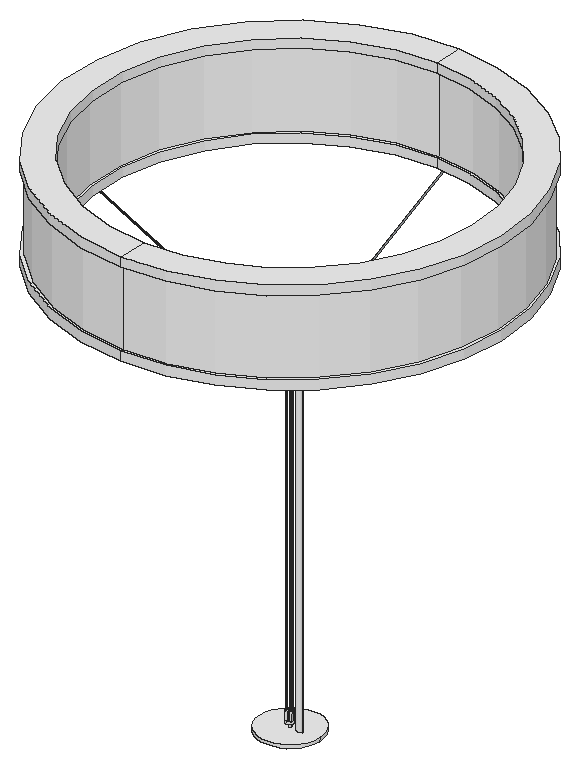
Revit family "Pendente circular 2", category Lighting Fixtures, host Face, Revit 2016
Family settings
  Host = Face
  Part Type = Normal
  Round Connector Dimension = Use Diameter
  OmniClass Number = 23.80.70.11
  OmniClass Title = Luminaries for Internal Lighting
  Cut with Voids When Loaded = No
  Light Source = Yes
  Shared = No
  Room Calculation Point = No
Parameters
  halfwidth = Unit Width / 2  # 45 cm
  frame edge thickness = 2 cm
  Wattage = 100 W
  Warranty Duration (Years) = 0
  built-in parameter 1150110 = 1 (stored number, unit not read)
  Unit Width = 90 cm
  Unit Weight = 0
  Unit Length = 20 cm
  Unit Depth = 6 cm
  URL = "http://solutions.3m.com/wps/portal/3M/en_US/architectural-markets/home/lighting-solutions/"
  built-in parameter 1114217 = 1 (stored number, unit not read)
  Three Wire Suspension = yes
  Test Data = ""
  built-in parameter 1150109 = 1 (stored number, unit not read)
  built-in parameter 1150134 = 2
  built-in parameter 1150113 = 1 (stored number, unit not read)
  Specification = "http://www.arcat.com/sd/clients/3march.html?coid=47922"
  SpecWizard = ""
  Single Wire Suspension = yes
  Send Message = "http://www.arcat.com/users.pl?action=UserEmail&company=3M+Architectural+Markets&coid=47922&rep=144&fax=651 737 8241&mf="
  Sales Information = "http://solutions.3m.com/wps/portal/3M/en_US/architectural-markets/home/support/find-distributor/"
  Revision = "R1_4_2013"
  Product Properties = "http://solutions.3m.com/wps/portal/3M/en_US/architectural-markets/home/resources/technical-information/"
  Product Data = "http://www.arcat.com/arcatcos/cos47/arc47922.html"
  Model = "As Specified in 16500"
  Manufacturer Website = "www.3MArchitecturalMarkets.com"
  Manufacturer Phone - Toll Free = "888-650-3497"
  Manufacturer Phone = "651 737 6152"
  Manufacturer Fax = "651 737 8241"
  Manufacturer Address = "3M Center, Bldg. 220-7W-07, St. Paul, MN 55144-1000"
  Manufacturer = "3M Architectural Markets"
  Maintenance Schedule (Months) = 0
  built-in parameter 1150105 = 795.77 (stored number, unit not read)
  Lumens = 10000 lm
  built-in parameter 1150115 = 1 (stored number, unit not read)
  Light Source Symbol Size = 100 cm
  built-in parameter 1150137 = (empty or 0)
  built-in parameter 1150139 = (empty or 0)
  built-in parameter 1150112 = 1 (stored number, unit not read)
  built-in parameter 1150114 = 1 (stored number, unit not read)
  Keynote = "16500"
  Interior Finish = Metal - 3M - as Specified
  Installation-Fabrication = "http://solutions.3m.com/wps/portal/3M/en_US/architectural-markets/home/resources/technical-information/"
  Installation Phase = ""
  built-in parameter 1150132 = (empty or 0)
  built-in parameter 1150102 = (empty or 0)
  built-in parameter 1150107 = 5000 (stored number, unit not read)
  built-in parameter 1150138 = (empty or 0)
  built-in parameter 1150106 = 7.9577 (stored number, unit not read)
  Green Building-LEED = "http://solutions.3m.com/wps/portal/3M/en_US/architectural-markets/home/resources/technical-information/"
  Frame Finish = Metal - 3M - as Specified
  Exterior Finish = Glass - 3M - Color Output as Specified
  Expected Lifespan (Years) = 0
  built-in parameter 1150104 = 9.2903 (stored number, unit not read)
  Drawn By = "Sumex Design, Inc. / Robert S. Weygant, CSI, CDT, SCIP"
  Dimming Lamp Color Temperature Shift = <None>
  Description = "As Specified in 16500"
  built-in parameter 1001320 = 120 cm
  Cord Finish = Metal - 3M - as Specified
  Copyright = "©Arcat Inc."
  Construction Details = "http://solutions.3m.com/wps/portal/3M/en_US/architectural-markets/home/resources/technical-information/"
  Color Filter = 16777215
  Canopy Plate Finish = Metal - 3M - as Specified
  Cable Drop [instance] = 90 cm
  Fixture Angle [instance] = 0.00°
  Cable Angle [instance] = 25.00°
  Building Codes = ""
  built-in parameter 1114218 = 1 (stored number, unit not read)
  Default Elevation = 304.8 cm
  Assembly Code = "D5020200"
Reference planes (cm)
  plane 1 "Center (Front/Back)": y = 0
  plane 2: z = 0
  plane 3 "Center (Left/Right)": x = 0
  plane 4: y = 45
  plane 5: y = -45
  plane 6: x = -45
  plane 7: x = 45
  plane 8: z = 90
Forms (cm)
  Revolve 1, solid, material "Metal - 3M - as Specified" <- "Frame Finish"
    sketch origin (0, -45, 90) x (0, 1, 0) y (0, 0, 1)
      loop
        line (0, 0) -> (6, 0) -> (6, 1.905) -> (5.365, 1.905) -> (5.365, 18.095) -> (6, 18.095) -> (6, 20) -> (0, 20) -> (0, 18) -> (0.635, 18) -> (0.635, 2) -> (0, 2) -> (0, 0)
      axis (45, 0) -> (45, 20)
    angle from 0 to 360
  Sweep 2, solid
    path origin (0, -45, 90) x (0, 1, 0) y (0, 0, 1)
      loop
        line (1.27, 0) -> (45, -20.3916)
    profile origin (0, -21.865, 79.8042) x (0, 0.422618, 0.906308) y (1, 0, 0)
      loop
        circle (0, 0) r 0.0794
  Sweep 3, solid
    path origin (0, -45, 90) x (0, 1, 0) y (0, 0, 1)
      loop
        line (88.73, 0) -> (45, -20.3916)
    profile origin (0, 21.865, 79.8042) x (0, 0.422618, -0.906308) y (1, 0, 0)
      loop
        circle (0, 0) r 0.0794
  Sweep 4, solid
    path origin (0, 0, 0) x (1, 0, 0) y (0, 0, 1)
      loop
        line (0, 69.6084) -> (43.73, 90)
    profile origin (21.865, 0, 79.8042) x (-0.422618, 0, 0.906308) y (0, -1, 0)
      loop
        circle (0, 0) r 0.0794
  Sweep 5, solid
    path origin (0, 0, 0) x (1, 0, 0) y (0, 0, 1)
      loop
        line (0, 69.6084) -> (-43.73, 90)
    profile origin (-21.865, 0, 79.8042) x (-0.422618, 0, -0.906308) y (0, -1, 0)
      loop
        circle (0, 0) r 0.0794
  Extrusion 6, solid, material "Metal - 3M - as Specified" <- "Canopy Plate Finish"
    sketch origin (0, 0, 0) x (1, 0, 0) y (0, 1, 0)
      loop
        circle (0.0335, 0) r 6.35
    from 0 to 0.635
  Extrusion 7, solid, material "Metal - 3M - as Specified" <- "Cord Finish", visible <- "Single Wire Suspension"
    sketch origin (0, 0, 0) x (1, 0, 0) y (0, 1, 0)
      loop
        circle (0, 0) r 0.263
    from 0.635 to 3.175
  Extrusion 8, solid, material "Metal - 3M - as Specified" <- "Frame Finish", visible <- "Single Wire Suspension"
    sketch origin (0, 0, 0) x (1, 0, 0) y (0, 1, 0)
      loop
        circle (0, 0) r 0.0794
    from 3.175 to 69.6084
  Extrusion 9, solid, material "Metal - 3M - as Specified" <- "Frame Finish", visible <- "Single Wire Suspension"
    sketch origin (-24.68, 0, 69.6084) x (0, -1, 0) y (-1, 0, 0)
      loop
        circle (0, -24.68) r 0.263
    from 0 to 3.175
  Extrusion 10, solid, material "Metal - 3M - as Specified" <- "Cord Finish", visible <- "Single Wire Suspension"
    sketch origin (0, 0, 0) x (1, 0, 0) y (0, 1, 0)
      loop
        circle (2.0008, 0) r 0.635
    from 0 to 69.6084
  Extrusion 11, solid, material "Metal - 3M - as Specified" <- "Cord Finish", visible <- "Three Wire Suspension"
    sketch origin (0, 0, 0) x (1, 0, 0) y (0, 1, 0)
      loop
        circle (0, 0) r 0.8853
    from 1.5099 to 1.9507
  Extrusion 12, solid, material "Metal - 3M - as Specified" <- "Frame Finish", visible <- "Three Wire Suspension"
    sketch origin (-24.68, 0, 69.6084) x (0, -1, 0) y (-1, 0, 0)
      loop
        circle (0, -24.68) r 0.8853
    from 0 to 0.7634
  Extrusion 13, solid, material "Metal - 3M - as Specified" <- "Cord Finish", visible <- "Three Wire Suspension"
    sketch origin (0, 0, 0) x (1, 0, 0) y (0, 1, 0)
      loop
        circle (0, 0.5867) r 0.263
      loop
        circle (0.4743, -0.345) r 0.263
      loop
        circle (-0.4743, -0.345) r 0.263
    from 1.9507 to 3.7997
  Extrusion 14, solid, material "Metal - 3M - as Specified" <- "Cord Finish", visible <- "Three Wire Suspension"
    sketch origin (0, 0, 3.7997) x (1, 0, 0) y (0, 1, 0)
      loop
        circle (0.4743, -0.345) r 0.0794
      loop
        circle (0, 0.5867) r 0.0794
      loop
        circle (-0.4743, -0.345) r 0.0794
    from 0 to 65.0452
Lines and regions (cm)
  reference lines
    curve 1: line (0, -45, 90) -> (0, 45, 90)
    curve 2: line (0, 0, 90) -> (0, 0, 115.4)
    curve 3: line (0, -43.73, 90) -> (0, 0, 69.6084)
    curve 4: line (0, 0, 69.6084) -> (0, -45, 69.6084)
    curve 5: line (0, 43.73, 90) -> (0, 0, 69.6084)
    curve 6: line (0, -47.5361, 110) -> (0, -16.8254, 110)
    curve 7: line (0, 0, 90) -> (45, 0, 90)
    curve 8: line (0, 0, 90) -> (-45, 0, 90)
    curve 9: line (-24.68, 0, 69.6084) -> (20.32, 0, 69.6084)
    curve 10: line (0, 0, 69.6084) -> (43.73, 0, 90)
    curve 11: line (0, 0, 69.6084) -> (-43.73, 0, 90)
Dimensions and locks (cm)
  "Cable Drop": plane 8 to level
  equal spacing: plane 4, plane 1 "Center (Front/Back)", plane 5
  "Unit Width": plane 4 to plane 5
  equal spacing: plane 6, plane 3 "Center (Left/Right)", plane 7
  "Unit Width": plane 6 to plane 7
  "Unit Width": curve 1 to curve 1
  locked: curve 1 to curve 3 at 1.27
  locked: curve 1 to curve 5 at 1.27
  "Unit Length": curve 1 to curve 6
  equal spacing: curve 1, curve 2, curve 1
  "halfwidth": Revolve 1 sketch curve to Revolve 1 sketch curve
  locked: Revolve 1 sketch curve to Revolve 1 sketch curve at 0.635  (x2)
  locked: curve 7 to curve 10 at 1.27
  locked: curve 8 to curve 11 at 1.27
  "frame edge thickness": Revolve 1 sketch curve to curve 6
  "frame edge thickness": curve 1 to Revolve 1 sketch curve
  "Unit Depth": Revolve 1 sketch curve to Revolve 1 sketch curve  (x2)
  "Fixture Angle": angle plane 8 to curve 1
  "Fixture Angle": angle plane 1 "Center (Front/Back)" to curve 2
  "Cable Angle": angle curve 3 to plane 8
  "Fixture Angle": angle curve 8 to plane 8
  "Fixture Angle": angle plane 8 to curve 7
  aligned and locked: plane 2 to host face
  aligned and locked: level to host face
  aligned and locked: plane 5 to curve 1
  aligned and locked: plane 5 to curve 4
  aligned and locked: plane 1 "Center (Front/Back)" to curve 3
  aligned and locked: Revolve 1 sketch curve to curve 2
  aligned and locked: Revolve 1 sketch curve to curve 1
  aligned and locked: Revolve 1 sketch curve to curve 6
  aligned and locked: Sweep 2 sketch curve to curve 4
  aligned and locked: curve 1 to Sweep 2 sketch curve
  aligned and locked: Sweep 2 sketch curve to curve 3
  aligned and locked: curve 1 to Sweep 3 sketch curve
  aligned and locked: Sweep 3 sketch curve to curve 4
  aligned and locked: Sweep 3 sketch curve to curve 5
  aligned and locked: plane 3 "Center (Left/Right)" to curve 8
  aligned and locked: plane 6 to curve 8
  aligned and locked: plane 7 to curve 7
  aligned and locked: curve 7 to Sweep 4 sketch curve
  aligned and locked: curve 9 to Sweep 4 sketch curve
  aligned and locked: curve 10 to Sweep 4 sketch curve
  aligned and locked: curve 9 to curve 10
  aligned and locked: plane 3 "Center (Left/Right)" to curve 11
  aligned and locked: curve 9 to Sweep 5 sketch curve
  aligned and locked: curve 8 to Sweep 5 sketch curve
  aligned and locked: Sweep 5 sketch curve to curve 11
  aligned and locked: curve 9 to curve 4
  aligned and locked: Extrusion 8 to curve 9
  aligned and locked: Extrusion 10 to curve 9
  aligned and locked: Extrusion 13 to Extrusion 11
  aligned and locked: Extrusion 14 to Extrusion 12
Automatic sketch dimensions
  host sketch curve to host sketch curve = 243.84 cm  (x2)
  Sweep 2 sketch curve to profile plane = 0 cm  (x2)
  Sweep 3 sketch curve to profile plane = 0 cm  (x2)
  Sweep 4 sketch curve to plane 1 "Center (Front/Back)" = 0 cm
  Sweep 4 sketch curve to profile plane = 0 cm
  Sweep 5 sketch curve to plane 1 "Center (Front/Back)" = 0 cm
  Sweep 5 sketch curve to profile plane = 0 cm
  Extrusion 6 sketch curve to plane 1 "Center (Front/Back)" = 0 cm
  plane 3 "Center (Left/Right)" to Extrusion 6 sketch curve = 0.0335 cm
  Extrusion 7 sketch curve to plane 1 "Center (Front/Back)" = 0 cm
  Extrusion 7 sketch curve to plane 3 "Center (Left/Right)" = 0 cm
  Extrusion 8 sketch curve to plane 1 "Center (Front/Back)" = 0 cm
  Extrusion 8 sketch curve to plane 3 "Center (Left/Right)" = 0 cm
  Extrusion 9 sketch curve to curve 9 = 0 cm
  Extrusion 9 sketch curve to curve 9 = 20.32 cm
  Extrusion 10 sketch curve to plane 1 "Center (Front/Back)" = 0 cm
  plane 3 "Center (Left/Right)" to Extrusion 10 sketch curve = 2.0008 cm
  Extrusion 11 sketch curve to plane 1 "Center (Front/Back)" = 0 cm
  Extrusion 11 sketch curve to plane 3 "Center (Left/Right)" = 0 cm
  Extrusion 13 sketch curve to plane 3 "Center (Left/Right)" = 0 cm
  Extrusion 13 sketch curve to plane 3 "Center (Left/Right)" = 0.4743 cm
  plane 3 "Center (Left/Right)" to Extrusion 13 sketch curve = 0.4743 cm
  plane 1 "Center (Front/Back)" to Extrusion 13 sketch curve = 0.345 cm  (x2)
  Extrusion 13 sketch curve to plane 1 "Center (Front/Back)" = 0.5867 cm
  Extrusion 12 sketch curve to curve 9 = 0 cm
  Extrusion 12 sketch curve to curve 9 = 20.32 cm
  Revolve 1 sketch curve to curve 1 = 0 cm  (x2)
  Revolve 1 sketch curve to Revolve 1 sketch curve = 1.905 cm  (x2)
  Revolve 1 sketch curve to Revolve 1 sketch curve = 25.4 cm
  curve 7 to plane 8 = 0 cm
  plane 6 to curve 9 = 20.32 cm
  plane 3 "Center (Left/Right)" to curve 9 = 20.32 cm
  curve 3 to plane 8 = 0 cm
  curve 6 to plane 5 = 2.5361 cm
  plane 1 "Center (Front/Back)" to curve 6 = 16.8254 cm
  radius of Sweep 2 sketch curve = 0.0794 cm
  radius of Sweep 3 sketch curve = 0.0794 cm
  radius of Sweep 4 sketch curve = 0.0794 cm
  radius of Sweep 5 sketch curve = 0.0794 cm
  radius of Extrusion 6 sketch curve = 6.35 cm
  radius of Extrusion 7 sketch curve = 0.263 cm
  radius of Extrusion 8 sketch curve = 0.0794 cm
  radius of Extrusion 9 sketch curve = 0.263 cm
  radius of Extrusion 10 sketch curve = 0.635 cm
  radius of Extrusion 11 sketch curve = 0.8853 cm
  radius of Extrusion 13 sketch curve = 0.263 cm  (x3)
  radius of Extrusion 14 sketch curve to Extrusion 13 = 0.1836 cm  (x3)
  radius of Extrusion 12 sketch curve = 0.8853 cm
Connectors (cm)
  electrical at (0.0335, 0, 0)
    settings: on Extrusion 6, index 1, voltage 0 V, apparent load 0 VA, apparent load phase1 0 VA, apparent load phase2 0 VA, apparent load phase3 0 VA, power factor 1, load classification "Other", number of poles 1, system type 13, power factor state 1, is connector primary yes, connector utility no, sub classification motor no, connector description ""
